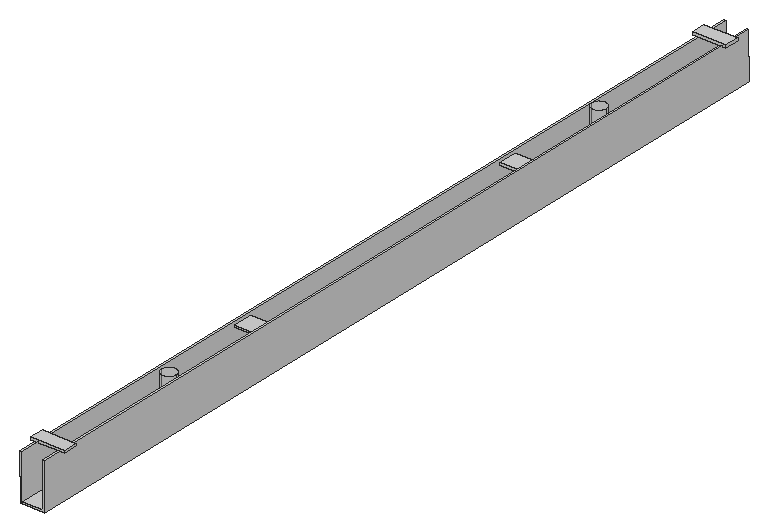
Revit family "ML_ML COMPENSATION 2''x6'_1920052", category Generic Models, Revit 2018
Family settings
  Can host rebar = No
  Round Connector Dimension = Use Diameter
  Part Type = Normal
  OmniClass Number = 35.51.14.00
  OmniClass Title = FORMWORK
  Work Plane-Based = Yes
  Always vertical = No
  Cut with Voids When Loaded = No
  Shared = Yes
  Room Calculation Point = No
Parameters
  VERSION = "20190101"  # constant formula
  URL = "www.ulmaconstruction.com/en"
  UNICLASS = ""
  ITEM_CODE = "1920052"
  Manufacturer = "ULMA CONSTRUCTION"  # constant formula
  FILTER [instance] = ""
  Default Elevation = 0"
  CLASSIFICATION_TITLE = ""
  CLASSIFICATION_NUMBER = ""
Reference planes (in)
  plane 1 "Centro (Frontal/Posterior)": y = 0
  plane 2: z = 0
  plane 3 "Centro (Izquierda/Derecha)": x = 0
  plane 4 "ITEM_HEIGHT": y = 72
  plane 5 "MIDDLE": x = 0.98425
  plane 6 "TIE 1": y = 14
  plane 7 "TIE 2": y = 58
  plane 8 "LATERAL HOLES": z = 1.5
Forms (in)
  Extrusion 1, solid, material "ULMA ZINC", detail levels fine
    sketch origin (0, 0, 0) x (1, 0, 0) y (0, 0, 1)
      loop
        line (0, 3.79921) -> (0, 0) -> (1.9685, 0) -> (1.9685, 3.79921) -> (1.81102, 3.79921) -> (1.81102, 0.15748) -> (0.15748, 0.15748) -> (0.15748, 3.79921) -> (0, 3.79921)
    from -72 to 0
  Extrusion 2, solid, material "ULMA ZINC", detail levels fine
    sketch origin (0, 0, 0) x (1, 0, 0) y (0, 1, 0)
      loop
        line (-0.3937, 2.75532) -> (-0.3937, 1.57422) -> (2.3622, 1.57422) -> (2.3622, 2.75532) -> (-0.3937, 2.75532)
    from 3.79921 to 3.99606
  Extrusion 3, solid, material "ULMA ZINC", detail levels fine
    sketch origin (0, 89, 0) x (1, 0, 0) y (0, 1, 0)
      loop
        line (-0.3937, -18.5748) -> (-0.3937, -19.75591) -> (2.3622, -19.75591) -> (2.3622, -18.5748) -> (-0.3937, -18.5748)
    from 3.79921 to 3.99606
  Extrusion 4, solid, material "ULMA ZINC", detail levels fine
    sketch origin (0, 0, 0) x (1, 0, 0) y (0, 1, 0)
      loop
        line (0.15748, 50.34824) -> (0.15748, 48.77344) -> (1.81102, 48.77344) -> (1.81102, 50.34824) -> (0.15748, 50.34824)
    from 3.44488 to 3.64173
  Extrusion 5, solid, material "ULMA ZINC", detail levels fine
    sketch origin (0, -47.1811, 0) x (1, 0, 0) y (0, 1, 0)
      loop
        line (0.15748, 70.40766) -> (0.15748, 68.83286) -> (1.81102, 68.83286) -> (1.81102, 70.40766) -> (0.15748, 70.40766)
    from 3.44488 to 3.64173
  Extrusion 6, solid, material "ULMA TRANSPARENT WHITE"
    sketch origin (1.73228, 12, 0.15748) x (-1, 0, 0) y (0, -1, 0)
      loop
        circle (0.74803, -2) r 0.61024
    from 0 to 3.64173
  Extrusion 7, solid, material "ULMA TRANSPARENT WHITE"
    sketch origin (1.73228, 24, 0.15748) x (-1, 0, 0) y (0, -1, 0)
      loop
        circle (0.74803, -34) r 0.61024
    from 0 to 3.83858
Lines and regions (in)
  model lines, style "ULMA PANELS", detail levels fine
    curve 1: circle (0, 6, 1.5) r 0.3937 normal (1, 0, 0)
    curve 6: circle (0, 18, 1.5) r 0.3937 normal (1, 0, 0)
    curve 7: circle (0, 30, 1.5) r 0.3937 normal (1, 0, 0)
    curve 8: circle (0, 42, 1.5) r 0.3937 normal (1, 0, 0)
    curve 9: circle (1.9685, 6, 1.5) r 0.3937 normal (1, 0, 0)
    curve 10: circle (1.9685, 18, 1.5) r 0.3937 normal (1, 0, 0)
    curve 11: circle (1.9685, 30, 1.5) r 0.3937 normal (1, 0, 0)
    curve 12: circle (1.9685, 42, 1.5) r 0.3937 normal (1, 0, 0)
    curve 14: circle (0.98425, 14, 0) r 0.61024 normal (0, 0, 1)
    curve 16: circle (0.98425, 14, 0.15748) r 0.61024 normal (0, 0, 1)
    curve 17: circle (0, 54, 1.5) r 0.3937 normal (1, 0, 0)
    curve 18: circle (1.9685, 54, 1.5) r 0.3937 normal (1, 0, 0)
    curve 19: circle (0, 66, 1.5) r 0.3937 normal (1, 0, 0)
    curve 20: circle (1.9685, 66, 1.5) r 0.3937 normal (1, 0, 0)
  model lines, style "ULMA PANELS", detail levels medium
    curve 2: line (0, 72, 0) -> (1.9685, 72, 0)
    curve 3: line (1.9685, 72, 0) -> (1.9685, 0, 0)
    curve 4: line (1.9685, 0, 0) -> (0, 0, 0)
    curve 5: line (0, 0, 0) -> (0, 72, 0)
  model lines, detail levels fine
    curve 13: circle (0.98425, 58, 0) r 0.61024 normal (0, 0, 1)
    curve 15: circle (0.98425, 58, 0.15748) r 0.61024 normal (0, 0, 1)
Dimensions and locks (in)
  locked: plane 1 "Centro (Frontal/Posterior)" to plane 4 "ITEM_HEIGHT" at 72
  locked: curve 1 to plane 1 "Centro (Frontal/Posterior)" at 6
  locked: Extrusion 2 sketch curve to Extrusion 2 sketch curve at 1.1811
  locked: Extrusion 3 sketch curve to Extrusion 3 sketch curve at 1.1811
  locked: Extrusion 4 sketch curve to Extrusion 4 sketch curve at 1.5748
  locked: Extrusion 5 sketch curve to Extrusion 5 sketch curve at 1.5748
  locked: plane 8 "LATERAL HOLES" to plane 2 at 1.5
  aligned and locked: level to plane 2
  aligned and locked: plane 4 "ITEM_HEIGHT" to Extrusion 1
